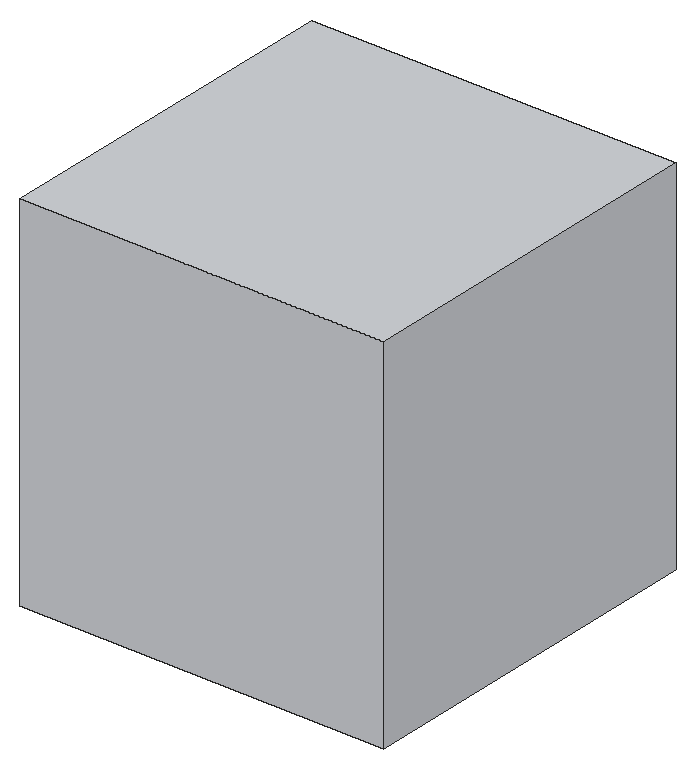
Revit family "Manual Point", category Generic Models, Revit 2021
Family settings
  Can host rebar = No
  Round Connector Dimension = Use Diameter
  Part Type = Normal
  Work Plane-Based = No
  Always vertical = Yes
  Cut with Voids When Loaded = No
  Shared = No
  Room Calculation Point = No
Parameters (values of type "Manual Point")
  TS_Point_Description = ""
  GTP_PointRole_0 [instance] = ""
  GTP_PointNumber_0 [instance] = ""
  GTP_PointElement_0 [instance] = ""
  GTP_LinkedParam_0 [instance] = "GTP_PointNumber_0"
  Default Elevation = 0' - 0"
Reference planes (in)
  plane 1 "Center (Front/Back)": y = 0
  plane 2: z = 0
  plane 3 "Center (Left/Right)": x = 0
Lines and regions (in)
  model lines
    curve 1: circle (0, 0, 0) r 1 normal (0, 0, 1)
    curve 2: line (-0.70711, 0.70711, 0) -> (0.70711, -0.70711, 0)
    curve 3: line (0.70711, 0.70711, 0) -> (-0.70711, -0.70711, 0)
Dimensions and locks (in)
  aligned and locked: plane 2 to level
Nested families (in)
  nested 1: "GTP" at (0, 0, 0), PointNumber <- "GTP_PointNumber_0", PointRole <- "GTP_PointRole_0", PointElement <- "GTP_PointElement_0", LinkedParam <- "GTP_LinkedParam_0", type "Generic Pt"
    with PointType "Generic Pt", PointRole "", PointNumber "", PointNote "", PointElement "", PointDeviationZ 0' - 0", PointDeviationY 0' - 0", PointDeviationX 0' - 0", PointDeviation 0' - 0", PointDescription "", LinkedParam "GTP_PointNumber_0"
Definition of nested family "GTP"
  Parameters (values of type "Control Pt")
    URL = ""
    PointType [instance] = ""
    PointRole [instance] = "Control Point"
    PointNumber [instance] = ""
    PointNote [instance] = ""
    PointElement [instance] = ""
    PointDeviationZ [instance] = 0' - 0"
    PointDeviationY [instance] = 0' - 0"
    PointDeviationX [instance] = 0' - 0"
    PointDeviation [instance] = 0' - 0"
    PointDescription [instance] = "Control Pt"
    Manufacturer = "Autodesk Inc."
    LinkedParam [instance] = ""
    Default Elevation = 0' - 0"
  Types (9): name | PointRole | PointDescription
    (no name) | "Control Point" | "Control Pt"
    Generic Pt | "Stake Out" | "Generic Pt"
    Wall Pt | "Stake Out" | "Wall Pt"
    Duct Pt | "Stake Out" | "Duct Pt"
    Sleeve Pt | "Stake Out" | "Sleeve Pt"
    Pipe Pt | "Stake Out" | "Pipe Pt"
    Electrical Pt | "Stake Out" | "Electrical Pt"
    Control Pt | "Control Point" | "Control Pt"
    Door Pt | "Stake Out" | "Door Pt"
  Reference planes (in)
    plane 1 "Center (Front/Back)": y = 0
    plane 2: z = 0
    plane 3 "Center (Left/Right)": x = 0
  Forms (in)
    Extrusion 1, solid, detail levels medium+fine
      sketch origin (0, 0, 0) x (1, 0, 0) y (0, 1, 0)
        loop
          line (0.5, -0.5) -> (0.5, 0.5) -> (-0.5, 0.5) -> (-0.5, -0.5) -> (0.5, -0.5)
      from -0.5 to 0.5
  Lines and regions (in)
    model lines, detail levels coarse+medium
      curve 1: line (0, 0.5, 0) -> (0, 0, 0)
      curve 2: line (-0.5, 0, 0) -> (0, 0, 0)
      curve 3: line (0, 0, -0.5) -> (0, 0, 0)
      curve 4: line (0, 0, 0) -> (0.5, 0, 0)
      curve 5: line (0, 0, 0) -> (0, -0.5, 0)
      curve 6: line (0, 0, 0) -> (0, 0, 0.5)
